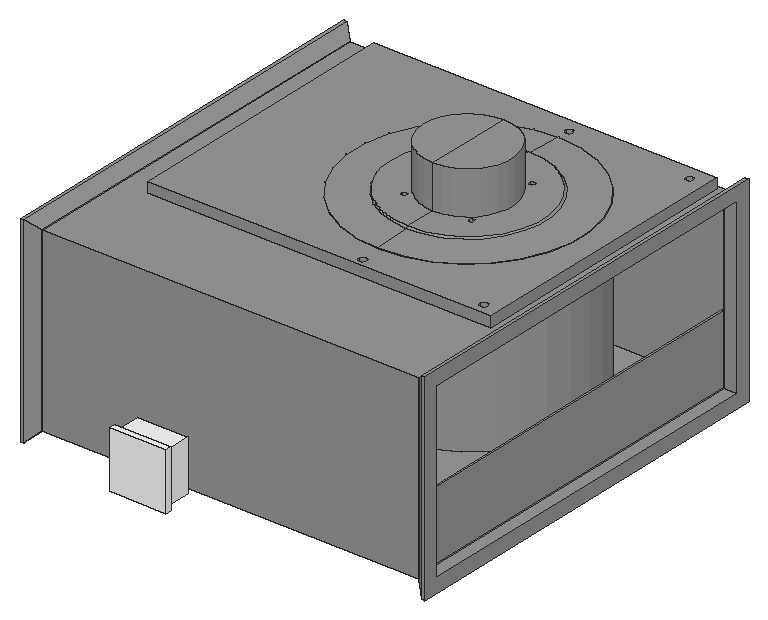
Revit family "RKB 600X300 B1 EC_7480101", category Mechanical Equipment, Revit 2014
Parameters (values of type "RKB 600X300 B1 EC")
  Wiring diagram = "4040145"
  Width = 642 mm
  Weight = 29.20 kg
  Voltage range = "200-277 V"
  Voltage = 230 V
  Speed = "2190 rpm"
  Sound pressure level at 3 m = "67 dB(A)"
  Power = 868 W
  Phase = 1
  Max. temperature of transported air when speed controlled = 60 °C
  Max. temperature of transported air = 60 °C
  Main Material = Steel, Galvanized
  Height = 391 mm
  Frequency = 50 Hz
  Elevation [instance] = 2600 mm
  Description = "UNINSULATED DUCT FANS WITH RECTANGULAR CONNECTIONS"
  Depth = 643 mm
  Current = 4.06 A
  Connector Height = 300 mm
  Connector Width = 600 mm
  Capacitor = "- μF"
Reference planes
  plane 1 "Center (Front/Back)": y = 0
  plane 2: z = 0
  plane 3 "Center (Left/Right)": x = 0
  plane 4: x = -321
  plane 5: x = 321
  plane 6: y = 321.5
  plane 7: y = -321.5
  plane 8: z = 2600
  plane 9: z = 2991
Dimensions and locks
  equal spacing: plane 4, plane 3 "Center (Left/Right)", plane 5
  "Width": plane 4 to plane 5
  equal spacing: plane 6, plane 1 "Center (Front/Back)", plane 7
  "Depth": plane 6 to plane 7
  "Elevation": plane 8 to level
  "Height": plane 9 to plane 8
  aligned and locked: level to plane 2
  aligned and locked: nested 1 to plane 1 "Center (Front/Back)"
  aligned and locked: plane 1 "Center (Front/Back)" to nested 2
  aligned and locked: plane 3 "Center (Left/Right)" to nested 2
  aligned and locked: nested 2 to plane 8
  aligned and locked: plane 3 "Center (Left/Right)" to nested 1
Nested families
  nested 1: "Flow direction symbol" at (0, 0, 0), type "Flow direction symbol"
  nested 2: "RKB" at (0, 0, 2600), type "RKB"
Connectors
  electrical at (-107.218, -355.269, 2649), driven by "Phase", driven by "Voltage", driven by "Power"
    settings: on nested 2, index 3, voltage 230 V, apparent load 0 VA, apparent load phase1 868 VA, apparent load phase2 0 VA, apparent load phase3 0 VA, power factor 1, load classification "HVAC", number of poles 1, system type 31, power factor state 1, is connector primary yes, connector utility no, sub classification motor no, connector description ""
  hvac at (-321, 0, 2759), driven by "Connector Height", driven by "Connector Width"
    settings: on nested 2, index 4, duct flow 0.0 L/s, flow factor 0, pres drop 0.0 Pa, loss coef 0, conn angle 0.00°, conn width 600 mm, conn height 300 mm, conn diameter 609.6 mm, duct sys type 1, conn prof type 1, flow config 0, flow direction 1, loss method 0, conn ref index -1, conn util no, is conn primary yes, conn desc ""
  hvac at (299.769, 0, 2759), driven by "Connector Height", driven by "Connector Width"
    settings: on nested 2, index 5, duct flow 0.0 L/s, flow factor 0, pres drop 0.0 Pa, loss coef 0, conn angle 0.00°, conn width 600 mm, conn height 300 mm, conn diameter 609.6 mm, duct sys type 3, conn prof type 1, flow config 0, flow direction 2, loss method 0, conn ref index -1, conn util no, is conn primary no, conn desc ""
Definition of nested family "RKB"
  Parameters (values of type "RKB")
    Width = 642 mm
    Main Material = Steel, Galvanized
    Height = 391 mm
    Description = ""
    Depth = 643 mm
    Connector Width = 600 mm
    Connector Heigth = 300 mm
  Reference planes
    plane 1 "Center (Front/Back)": y = 0
    plane 2: z = 0
    plane 3 "Center (Left/Right)": x = 0
    plane 4: x = -321
    plane 5: x = 321
    plane 6: y = 321.5
    plane 7: y = -321.5
    plane 8: z = 318
    plane 9: z = 119
    plane 10: x = -107.218
    plane 11: z = 159
    plane 12: z = 309
    plane 13: z = 9
    plane 14: y = 300
    plane 15: y = -300
    plane 16: z = 61.5
    plane 17: y = 24.017
    plane 18: z = 391
    plane 19: x = 71.904
    plane 20: y = 76.712
  Forms (mm)
    Sweep 1, solid, material "Steel, Galvanized" <- "Main Material", detail levels medium+fine
      path origin (-321, 864.407, 1200) x (0, 1, 0) y (0, 0, 1)
        loop
          line (-542.907, -1200) -> (-542.907, -882) -> (-1185.907, -882) -> (-1185.907, -1200) -> (-542.907, -1200)
      profile origin (-321, 321.5, 159) x (0, -1, 0) y (1, 0, 0)
        loop
          line (22.203, 21.231) -> (16.231, 21.231) -> (0, 5) -> (0, 0) -> (22.203, 0) -> (22.203, 21.231)
    Sweep 2, solid, material "Steel, Galvanized" <- "Main Material", detail levels medium+fine
      path origin (321, 864.407, 1200) x (0, 1, 0) y (0, 0, 1)
        loop
          line (-542.907, -1200) -> (-542.907, -882) -> (-1185.907, -882) -> (-1185.907, -1200) -> (-542.907, -1200)
      profile origin (321, 321.5, 159) x (0, -1, 0) y (1, 0, 0)
        loop
          line (22.203, -21.231) -> (22.203, 0) -> (0, 0) -> (0, -5) -> (16.231, -21.231) -> (22.203, -21.231)
    Revolve 3, solid, material "Steel, Galvanized" <- "Main Material", detail levels medium+fine
      sketch origin (71.904, 56.739, 1332.69) x (0, -1, 0) y (0, 0, 1)
        loop
          line (-19.973, -1281.823) -> (-19.973, -941.69) -> (-89.973, -941.69) -> (-89.973, -1009.589) -> (-140.53, -1009.589) -> (-142.625, -1011.684) -> (-199.973, -1014.69) -> (-199.973, -1281.823) -> (-19.973, -1281.823)
        axis (-19.973, -941.69) -> (-19.973, -1281.823)
      angle from 0 to 360
    Sweep 4, void
      path origin (43.109, 35, 1200) x (-1, 0, 0) y (0, 0, 1)
        loop
          line (-10.677, -904.203) -> (-10.677, -769.203)
      profile origin (53.785, 35, 363.297) x (1, 0, 0) y (0, 1, 0)
        loop
          circle (211.598, 240.202) r 6
        loop
          circle (20.259, 239.988) r 6
        loop
          circle (211.235, -168.183) r 6
        loop
          circle (22.268, -173.196) r 6
        loop
          circle (-35.527, 101.714) r 4
        loop
          circle (71.765, 101.714) r 4
        loop
          circle (-35.527, -18.29) r 4
        loop
          circle (71.765, -18.29) r 4
    Sweep 5, solid, material "Steel, Galvanized" <- "Main Material", detail levels coarse
      path origin (0, 0, 0) x (1, 0, 0) y (0, 1, 0)
        loop
          line (-321, 0) -> (321, 0)
      profile origin (0, 0, 0) x (0, 1, 0) y (0, 0, 1)
        loop
          line (321.5, 391) -> (-321.5, 391) -> (-321.5, 0) -> (321.5, 0) -> (321.5, 391)
    Sweep 6, solid, material "Steel, Galvanized" <- "Main Material", detail levels medium+fine
      path origin (0, 0, 0) x (0, 1, 0) y (0, 0, 1)
        loop
          line (299.297, 22.203) -> (299.297, 132.203)
      profile origin (0, 299.297, 77.203) x (0, -1, 0) y (1, 0, 0)
        loop
          line (0, -299.769) -> (598.595, -299.769) -> (598.595, -296.769) -> (0, -296.769) -> (0, -299.769)
        loop
          line (0, 299.769) -> (0, 296.769) -> (598.595, 296.769) -> (598.595, 299.769) -> (0, 299.769)
    Sweep 7, solid, material "Plastic", detail levels medium+fine
      path origin (0, 0, -1.959) x (1, 0, 0) y (0, 1, 0)
        loop
          line (-107.218, -305.269) -> (-107.218, -345.269)
      profile origin (-107.218, -325.269, -1.959) x (1, 0, 0) y (0, 0, 1)
        loop
          line (-40, 10.959) -> (40, 10.959) -> (40, 90.959) -> (-40, 90.959) -> (-40, 10.959)
    Sweep 8, solid, material "Plastic", detail levels medium+fine
      path origin (0, 0, 12.5) x (1, 0, 0) y (0, 1, 0)
        loop
          line (-107.218, -345.269) -> (-107.218, -355.269)
      profile origin (-107.218, -350.269, 12.5) x (1, 0, 0) y (0, 0, 1)
        loop
          line (-45, 81.5) -> (-45, -8.5) -> (45, -8.5) -> (45, 81.5) -> (-45, 81.5)
    Extrusion 9, solid, material "Steel, Galvanized" <- "Main Material"
      sketch origin (0, 0, 0) x (0, 1, 0) y (0, 0, 1)
        loop
          line (299.297, 318) -> (-150, 318) -> (-150, 301.769) -> (299.297, 301.769) -> (299.297, 318)
      from -256.386 to 289.349
    Extrusion 10, solid, material "Steel, Galvanized" <- "Main Material"
      sketch origin (0, 0, 0) x (0, 1, 0) y (0, 0, 1)
        loop
          line (305.269, 301.769) -> (-305.269, 301.769) -> (-305.269, 16.231) -> (305.269, 16.231) -> (305.269, 301.769)
        loop
          line (299.297, 295.797) -> (-299.297, 295.797) -> (-299.297, 22.203) -> (299.297, 22.203) -> (299.297, 295.797)
      from -299.769 to 299.769
  Cuts and joins
    joined: Sweep 1, Sweep 2
    Sweep 4 cuts Revolve 3
    Sweep 4 cuts Extrusion 9
  Dimensions and locks
    equal spacing: plane 4, plane 3 "Center (Left/Right)", plane 5
    "Width": plane 4 to plane 5
    equal spacing: plane 6, plane 1 "Center (Front/Back)", plane 7
    "Depth": plane 6 to plane 7
    Sweep 4 sketch curve to plane 8 to Sweep 4 sketch curve = 112.797 mm, 22.203 mm
    locked: Sweep 6 sketch curve to plane 2 at 22.203
    Sweep 6 sketch curve to Sweep 6 sketch curve = 110 mm
    locked: plane 6 to Sweep 6 sketch curve at 22.203  (x2)
    locked: plane 4 to Sweep 6 sketch curve at 21.231
    locked: Sweep 6 sketch curve to Sweep 6 sketch curve at 3  (x2)
    locked: Sweep 6 sketch curve to plane 7 at 22.203  (x2)
    locked: Sweep 6 sketch curve to plane 6 at 22.203
    locked: Sweep 6 sketch curve to plane 5 at 21.231
    Sweep 7 sketch curve to plane 7 to Sweep 7 sketch curve = 16.231 mm, 23.769 mm
    plane 7 to Sweep 8 sketch curve to Sweep 8 sketch curve = 23.769 mm, 10 mm locked
    equal spacing: plane 8, plane 11, plane 2
    "Connector Heigth": plane 12 to plane 13
    equal spacing: plane 12, plane 11, plane 13
    "Connector Width": plane 14 to plane 15
    equal spacing: plane 14, plane 1 "Center (Front/Back)", plane 15
    "Height": plane 18 to level
    aligned and locked: level to plane 2
    aligned and locked: Sweep 1 sketch curve to plane 6
    aligned and locked: plane 7 to Sweep 1 sketch curve
    aligned and locked: plane 2 to Sweep 1 sketch curve
    aligned and locked: Sweep 1 sketch curve to plane 8
    aligned and locked: Sweep 2 sketch curve to plane 8
    aligned and locked: plane 2 to Sweep 2 sketch curve
    aligned and locked: plane 7 to Sweep 2 sketch curve
    aligned and locked: Sweep 2 sketch curve to plane 6
    aligned and locked: plane 1 "Center (Front/Back)" to Sweep 5 sketch curve
    aligned and locked: plane 2 to Sweep 5 sketch curve
    aligned and locked: plane 7 to Sweep 5 sketch curve
    aligned and locked: Sweep 5 sketch curve to plane 6
    aligned and locked: plane 10 to Sweep 7 sketch curve
    aligned and locked: plane 10 to Sweep 8 sketch curve
    aligned and locked: Sweep 7 to plane 13
    aligned and locked: Sweep 5 sketch curve to plane 18
    aligned and locked: Extrusion 10 to cut or joined group of Sweep 1, Sweep 2  (x2)
    aligned and locked: cut or joined group of Sweep 4, Extrusion 9 to Extrusion 10
  Automatic sketch dimensions
    Sweep 1 sketch curve to profile plane = 0 mm
    Sweep 1 sketch curve to plane 4 = 0 mm
    Sweep 1 sketch curve to profile plane = 16.231 mm
    Sweep 1 sketch curve to Sweep 1 sketch curve = 5.972 mm
    plane 4 to Sweep 1 sketch curve = 5 mm
    plane 4 to Sweep 1 sketch curve = 21.231 mm
    Sweep 2 sketch curve to profile plane = 0 mm
    Sweep 2 sketch curve to plane 5 = 0 mm
    Sweep 2 sketch curve to profile plane = 16.231 mm
    Sweep 2 sketch curve to Sweep 2 sketch curve = 5.972 mm
    Sweep 2 sketch curve to Sweep 2 sketch curve = 5 mm
    Sweep 2 sketch curve to Sweep 2 sketch curve = 21.231 mm
    Sweep 5 sketch curve to plane 4 = 0 mm
    Sweep 5 sketch curve to plane 5 = 0 mm
    profile plane to Sweep 7 sketch curve = 40 mm
    Sweep 7 sketch curve to profile plane = 40 mm
    level to Sweep 7 sketch curve = 9 mm
    Sweep 7 sketch curve to Sweep 7 sketch curve = 80 mm
    profile plane to Sweep 8 sketch curve = 45 mm
    Sweep 8 sketch curve to profile plane = 45 mm
    level to Sweep 8 sketch curve = 4 mm
    Sweep 8 sketch curve to Sweep 8 sketch curve = 90 mm
    plane 12 to Extrusion 9 sketch curve = 9 mm
    plane 15 to Extrusion 9 sketch curve = 150 mm
    Extrusion 9 sketch curve to plane 14 = 0.703 mm
    Extrusion 9 sketch curve to plane 8 = 16.231 mm
    profile plane to Sweep 4 sketch curve = 35.527 mm  (x2)
    Sweep 4 sketch curve to profile plane = 20.259 mm
    Sweep 4 sketch curve to profile plane = 22.268 mm
    Sweep 4 sketch curve to profile plane = 71.765 mm  (x2)
    Sweep 4 sketch curve to Sweep 4 sketch curve = 139.833 mm
    Sweep 4 sketch curve to Sweep 4 sketch curve = 139.47 mm
    Sweep 4 sketch curve to profile plane = 18.29 mm  (x2)
    Sweep 4 sketch curve to Sweep 4 sketch curve = 149.893 mm
    Sweep 4 sketch curve to Sweep 4 sketch curve = 154.906 mm
    profile plane to Sweep 4 sketch curve = 101.714 mm  (x2)
    Sweep 4 sketch curve to Sweep 4 sketch curve = 138.488 mm
    Sweep 4 sketch curve to Sweep 4 sketch curve = 138.275 mm
    Extrusion 10 sketch curve to plane 15 = 5.269 mm
    plane 15 to Extrusion 10 sketch curve = 0.703 mm
    Extrusion 10 sketch curve to plane 14 = 0.703 mm
    plane 14 to Extrusion 10 sketch curve = 5.269 mm
    level to Extrusion 10 sketch curve = 16.231 mm
    Extrusion 10 sketch curve to Extrusion 10 sketch curve = 5.972 mm  (x2)
    Extrusion 10 sketch curve to plane 8 = 16.231 mm
    Sweep 4 sketch curve to plane 19 = 18.119 mm
    Revolve 3 sketch curve to plane 8 = 0 mm
    Revolve 3 sketch curve to plane 18 = 0 mm  (x2)
    Revolve 3 sketch curve to plane 20 = 0 mm  (x2)
    plane 20 to Revolve 3 sketch curve = 70 mm
    plane 8 to Revolve 3 sketch curve = 3.005 mm
    Revolve 3 sketch curve to Revolve 3 sketch curve = 52.653 mm
    plane 16 to Revolve 3 sketch curve = 10.633 mm
    Revolve 3 sketch curve to plane 14 = 43.288 mm
    plane 8 to Revolve 3 sketch curve = 5.101 mm
    Revolve 3 sketch curve to Revolve 3 sketch curve = 2.095 mm
    plane 11 to Revolve 3 sketch curve = 3.892 mm
    radius of Sweep 4 sketch curve = 6 mm  (x4)
    radius of Sweep 4 sketch curve = 4 mm  (x4)
Definition of nested family "Flow direction symbol"
  Parameters (values of type "Flow direction symbol")
    Warning = "!"
    Text = "DIMENSIONS OVERCONSTRAINT"
  Reference planes
    plane 1: y = 0
    plane 2: x = 0
  Lines and regions (mm)
    detail lines
      curve 1: line (-0.506, 0.877, 0) -> (-0.506, -0.877, 0)
      curve 2: line (1.012, 0, 0) -> (-0.506, -0.877, 0)
      curve 3: line (-0.506, 0.877, 0) -> (1.012, 0, 0)
      curve 4: circle (0, 0, 0) r 1 normal (0, 0, 1)
